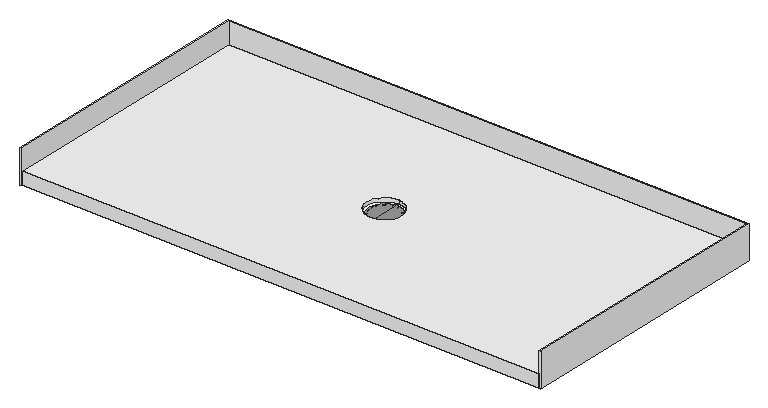
Revit family "1Plumbing-Fixture_Mincey-Marble-Manufacturing_RI-Shower-Pan", category Plumbing Fixtures, host Face, Revit 2022
Family settings
  Host = Face
  Round Connector Dimension = Use Diameter
  Part Type = Normal
  OmniClass Number = 23.45.05.14.11.21
  Cut with Voids When Loaded = No
  Maintain Annotation Orientation = No
  Shared = No
  Room Calculation Point = No
Parameters (values of type "RI-3162 - Shower Pan")
  Version = 1
  URL = "https://minceymarble.com/"
  Product data url = ""
  Product Page URL = "https://minceymarble.com/product/shower-pans-ri-3162-c-sf"
  Product Material Note [instance] = "Available Product Material: Almond, Bone, Cream, Ivory, White, Light Gray, Putty."  # constant formula
  Product Material [instance] = Mincey Marble Manufacturing - Cast Marble - White
  Product Documentation Link = "https://minceymarble.com/products-specifications-shower-pans-ri-3162-c-sf"
  Model = "RI-3162-C-SF"
  Manufacturer = "Mincey Marble Manufacturing"  # constant formula
  Length = 62"
  Keynote = "22 40 00.B5"
  Height = 4"  # constant formula
  Flow = 0 GPM
  Drain Diameter = 2"
  Drain Cover Material Note [instance] = "Available Drain Cover Material: Solid, Decorative Metal"  # constant formula
  Drain Cover Material [instance] = Mincey Marble Manufacturing - PVC - Solid
  Description = "31 x 62 Roll-In Shower Pan"
  Depth Note = if(not(ADJ), "Available Depth is only 31\"", "Adjustable range for Depth 31-36\"")  # "Available Depth is only 31\""
  Depth Limits = if(not(ADJ), 31", if(Depth < 31", 31", if(Depth > 36", 36", Depth)))  # 31"
  Depth = 31"
  Default Elevation = 48"
  Date Updated = ""
  Date Created = "2025/08/15"  # constant formula
  Assembly Code = "D2010.60"
  ADJ = no
Types (3): name | Product Page URL | Product Documentation Link | Model | Description | Depth Note | Depth Limits | Depth | ADJ
  (no name) | "https://minceymarble.com/product/shower-pans-ri-3162-c-sf" | "https://minceymarble.com/products-specifications-shower-pans-ri-3162-c-sf" | "RI-3162-C-SF" | "31 x 62 Roll-In Shower Pan" | "Available Depth is only 31\"" | 31" | 31" | no
  RI-3162 - Shower Pan | "https://minceymarble.com/product/shower-pans-ri-3162-c-sf" | "https://minceymarble.com/products-specifications-shower-pans-ri-3162-c-sf" | "RI-3162-C-SF" | "31 x 62 Roll-In Shower Pan" | "Available Depth is only 31\"" | 31" | 31" | no
  RI-36-ADJ-62 - Shower Pan | "https://minceymarble.com/product/shower-pans-ri-36-adj-62-c-sf" | "https://minceymarble.com/products-specifications-shower-pans-ri-36-adj-62-c-sf" | "RI-36-ADJ-62-C-SF" | "36 x 62 Adjustable Roll-In Shower Pan" | "Adjustable range for Depth 31-36\"" | 36" | 36" | yes
Reference planes (in)
  plane 1 "Center (Front/Back)": y = 0
  plane 2: z = 0
  plane 3 "Center (Left/Right)": x = 0
  plane 4: x = -31
  plane 5: x = 31
  plane 6: y = 15.5
  plane 7: y = -15.5
  plane 8: z = -1.5
  plane 9: z = 2.5
Forms (in)
  Extrusion 1, solid, material "Mincey Marble Manufacturing - Cast Marble - White" <- "Product Material", detail levels medium+fine
    sketch origin (0, 0, 0) x (1, 0, 0) y (0, 1, 0)
      loop
        line (-30.875, 15.375) -> (-30.875, -15.5) -> (30.875, -15.5) -> (30.875, 15.375) -> (-30.875, 15.375)
    from 0 to -1.5
  Extrusion 2, solid, material "Mincey Marble Manufacturing - Cast Marble - White" <- "Product Material", detail levels medium+fine
    sketch origin (0, 0, 0) x (1, 0, 0) y (0, 1, 0)
      loop
        line (-31, 15.5) -> (-31, -15.5) -> (-30.875, -15.5) -> (-30.875, 15.375) -> (30.875, 15.375) -> (30.875, -15.5) -> (31, -15.5) -> (31, 15.5) -> (-31, 15.5)
    from -1.5 to 2.5
  Revolve 3, void, detail levels medium+fine
    sketch origin (0, 0, 0) x (0, 1, 0) y (0, 0, 1)
      loop
        line (0, -1.5) -> (1.625, -1.5) -> (1.625, -0.5) -> (2.125, -0.38) -> (2.125, 0) -> (0, 0) -> (0, -1.5)
      axis (0, 0) -> (0, -1.5)
    angle from 0 to 360
  Revolve 4, solid, material "Mincey Marble Manufacturing - PVC - Solid" <- "Drain Cover Material", detail levels medium+fine
    sketch origin (0, 0, 0) x (0, 1, 0) y (0, 0, 1)
      loop
        line (0, -0.43194) -> (0, -0.5) -> (1.625, -0.5) -> (1.9086, -0.43194) -> (0, -0.43194)
      axis (0, -0.43194) -> (0, -0.5)
    angle from 0 to 360
  Extrusion 5, void
    sketch origin (0, 0, 0) x (1, 0, 0) y (0, 1, 0)
      loop
        line (-31, 15.5) -> (-31, -15.5) -> (31, -15.5) -> (31, 15.5) -> (-31, 15.5)
    from -1.5 to 0
  Extrusion 6, solid, material "Mincey Marble Manufacturing - Cast Marble - White" <- "Product Material", detail levels coarse
    sketch origin (0, 0, 0) x (1, 0, 0) y (0, 1, 0)
      loop
        line (-31, -15.5) -> (31, -15.5) -> (31, 15.5) -> (-31, 15.5) -> (-31, -15.5)
    from -1.5 to 0
Cuts and joins
  Revolve 3 cuts Extrusion 1
Lines and regions (in)
  Masking region 1
    outline origin (0, 0, 0) x (1, 0, 0) y (0, 1, 0)
      loop
        line (-31, -15.5) -> (31, -15.5) -> (31, 15.5) -> (-31, 15.5) -> (-31, -15.5)
  symbolic lines, detail levels medium+fine
    curve 1: line (-30.875, -15.5, 0) -> (-30.875, 15.375, 0)
    curve 2: line (-30.875, 15.375, 0) -> (30.875, 15.375, 0)
    curve 3: line (30.875, 15.375, 0) -> (30.875, -15.5, 0)
    curve 4: arc (0, -2.125, 0) -> (2.125, 0, 0) -> (0, 2.125, 0) r 2.125
    curve 5: arc (0, 2.125, 0) -> (-2.125, 0, 0) -> (0, -2.125, 0) r 2.125
    curve 6: arc (0, 1.625, 0) -> (-1.625, 0, 0) -> (0, -1.625, 0) r 1.625
    curve 7: arc (0, -1.625, 0) -> (1.625, 0, 0) -> (0, 1.625, 0) r 1.625
Dimensions and locks (in)
  equal spacing: plane 4, plane 3 "Center (Left/Right)", plane 5
  "Length": plane 4 to plane 5
  equal spacing: plane 6, plane 1 "Center (Front/Back)", plane 7
  "Depth Limits": plane 6 to plane 7
  plane 9 to level to plane 8 = 2.5" locked, 1.5" locked
  locked: Extrusion 2 sketch curve to plane 5 at 0.125
  locked: plane 4 to Extrusion 2 sketch curve at 0.125
  locked: plane 6 to Extrusion 2 sketch curve at 0.125
  locked: plane 4 to Extrusion 1 sketch curve at 0.125
  locked: Extrusion 1 sketch curve to plane 5 at 0.125
  locked: plane 6 to Extrusion 1 sketch curve at 0.125
  Revolve 3 sketch curve to Revolve 3 sketch curve to plane 1 "Center (Front/Back)" = 0.5" locked, 1.625" locked
  Revolve 4 sketch curve to Revolve 4 sketch curve to plane 1 "Center (Front/Back)" = 0.2836" locked, 1.625" locked
  aligned and locked: plane 2 to host face
  aligned and locked: level to host face
  aligned and locked: plane 4 to Extrusion 2 sketch curve
  aligned and locked: Extrusion 2 sketch curve to plane 6
  aligned and locked: Extrusion 2 sketch curve to plane 5
  aligned and locked: plane 7 to Extrusion 2 sketch curve  (x2)
  aligned and locked: Extrusion 1 sketch curve to plane 7
  aligned and locked: Revolve 3 sketch curve to plane 1 "Center (Front/Back)"  (x2)
  aligned and locked: Extrusion 1 to plane 8
  aligned and locked: level to Extrusion 1
  aligned and locked: Extrusion 2 to plane 8
  aligned and locked: plane 9 to Extrusion 2
  aligned and locked: curve 4 to cut or joined group of Extrusion 1, Revolve 3
  aligned and locked: curve 5 to cut or joined group of Extrusion 1, Revolve 3
  aligned and locked: Masking region 1 sketch curve to plane 4
  aligned and locked: Masking region 1 sketch curve to plane 6
  aligned and locked: Masking region 1 sketch curve to plane 7
  aligned and locked: Masking region 1 sketch curve to plane 5
  aligned and locked: Extrusion 6 sketch curve to plane 4
  aligned and locked: Extrusion 6 sketch curve to plane 6
  aligned and locked: Extrusion 6 sketch curve to plane 7
  aligned and locked: Extrusion 6 sketch curve to plane 5
  aligned and locked: Extrusion 6 to plane 8
  aligned and locked: level to Extrusion 6
  aligned and locked: plane 8 to Revolve 3 sketch curve
  aligned and locked: plane 1 "Center (Front/Back)" to Revolve 4 sketch curve
Automatic sketch dimensions
  host sketch curve to host sketch curve = 96"  (x2)
  Revolve 3 sketch curve to Revolve 3 sketch curve = 22.5"
  plane 9 to Revolve 3 sketch curve = 89.77586"
  Extrusion 5 sketch curve to plane 4 = 0"
  Extrusion 5 sketch curve to plane 5 = 0"
  Extrusion 5 sketch curve to plane 7 = 0"
  Extrusion 5 sketch curve to plane 6 = 0"
  curve 1 to plane 7 = 0"
  curve 1 to plane 4 = 0.125"
  curve 2 to plane 6 = 0.125"
  curve 2 to plane 5 = 0.125"
  curve 3 to plane 7 = 0"
  plane 8 to Revolve 3 sketch curve = 1"
  Revolve 3 sketch curve to Revolve 3 sketch curve = 0.12"
  Revolve 3 sketch curve to level = 0"
  Revolve 4 sketch curve to plane 1 "Center (Front/Back)" = 0"
  Revolve 4 sketch curve to level = 0.43194"
  Revolve 4 sketch curve to plane 8 = 22.5"
  plane 9 to Revolve 4 sketch curve = 89.77586"
  Revolve 4 sketch curve to Revolve 4 sketch curve = 0.06806"
  curve 4 to curve 6 = 0"  (x2)
  curve 4 to curve 7 = 0.5"
Connectors (in)
  piping at (0, 0, -1.5), diameter 2, driven by "Drain Diameter", driven by "Flow"
    settings: on cut or joined group of Extrusion 1, Revolve 3, index 1, connector inside diameter 24", connector length 0", flow factor 0, pipe flow 0 GPM, pressure drop 0.00 psi, fitting loss kfactor 0, connector angle 0.00°, fixture units 0, engagement length 0", angle of deflection 0.00°, flow configuration 0, flow direction 2, fitting loss method 0, system type 16, joint type 0, gender type 0, connector reference index -1, connector utility 0, adjustable connector no, is connector primary yes, connector description "Drain"
